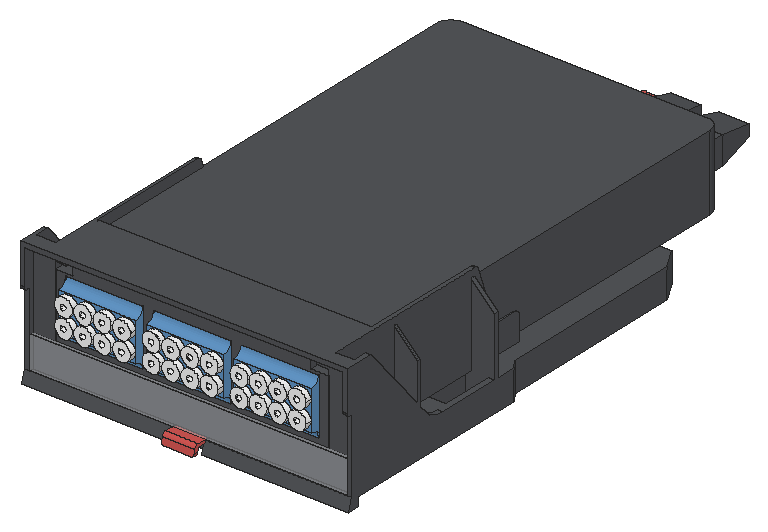
Revit family "Casetes MTP", category Installations électriques, Revit 2020 (continued)
Types (8, lengths in mm): name | Formulación BIM | Profundidad | Tipo de conector interno | E-catalogo enlace | Clasificación ETIM | Adecuado para número de conectores | Conectores LC | EAN | Conectores SC | Visibilidad de los conectores | Visibilidad conectores LC | Visibilidad conectores SC | Clase de la fibra óptica | Cruzado | Función | Número de conectores parte delantera | Número de conectores parte trasera | Tipo de conector externo | Tipo de la fibra óptica | Número de pieza Legrand
  Casete MTP 24 LC OS2 panel HD Ultra | "Casete MTP 24 LC OS2 panel HD Ultra" | 196 | "MT/MPO" | "https://www.legrand.fr/reference/032144/pro" | "EC001130" | 24 | Conectores LC : 24 fibras OS2 monomodal | "3414970962188" | Conectores SC : 12 fibras OM4 multimodal | yes | yes | no | "OS2" | no | "Casete slim alta densidad MTP" | 2 | 24 | "LC_DUPLEX" | "unimodal" | "032144"
  Casete MTP 12 SC OS2 panel HD Ultra | "Casete MTP 12 SC OS2 panel HD Ultra" | 196 | "MT/MPO" | "https://www.legrand.fr/reference/032145/pro" | "EC001130" | 12 | Conectores LC : 12 fibras OM4 multimodal | "3414970962201" | Conectores SC : 12 fibras OS2 monomodal | no | no | yes | "OS2" | yes | "Casete slim alta densidad MTP" | 1 | 12 | "SC_DUPLEX" | "unimodal" | "032145"
  Casete MTP 12 LC OM4 panel HD Ultra | "Casete MTP 12 LC OM4 panel HD Ultra" | 200 | "MTP-M" | "https://www.legrand.fr/reference/032148/pro" | "EC002699" | 12 | Conectores LC : 12 fibras OM4 multimodal | "3414971420236" | Conectores SC : 12 fibras OM4 multimodal | no | yes | no | "OM4" | no | "Casetes MTP alta densidad" | 1 | 12 | "LC_DUPLEX" | "Mutlimodal" | "032148"
  Casete MTP 12 LC OS2 panel HD Ultra | "Casete MTP 12 LC OS2 panel HD Ultra" | 200 | "MTP-M" | "https://www.legrand.fr/reference/032149/pro" | "EC002699" | 12 | Conectores LC : 12 fibras OS2 monomodal | "3414971420250" | Conectores SC : 12 fibras OM4 multimodal | no | yes | no | "OS2" | no | "Casetes MTP alta densidad" | 1 | 12 | "LC_DUPLEX" | "unimodal" | "032149"
  Casete MTP 12 SC OM4 panel HDÉ_UNIVERSELLE_ULTRA | "Casete MTP 12 SC OM4 panel HDÉ_UNIVERSELLE_ULTRA" | 200 | "MTP-M" | "https://www.legrand.fr/reference/_ULTRA/pro" | "EC002699" | 12 | Conectores LC : 12 fibras OM4 multimodal | "3414971929296" | Conectores SC : 12 fibras OM4 multimodal | no | no | yes | "OM4" | yes | "Casetes MTP alta densidad" | 1 | 12 | "SC_DUPLEX" | "Mutlimodal" | "032159"
  Casete MTP 12 SC OS2 polaridad universal | "Casete MTP 12 SC OS2 polaridad universal" | 200 | "MTP-M" | "https://www.legrand.fr/reference/032160/pro" | "EC002699" | 12 | Conectores LC : 12 fibras OM4 multimodal | "3414971929319" | Conectores SC : 12 fibras OS2 monomodal | no | no | yes | "OS2" | yes | "Casetes MTP alta densidad" | 1 | 12 | "SC_DUPLEX" | "unimodal" | "032160"
